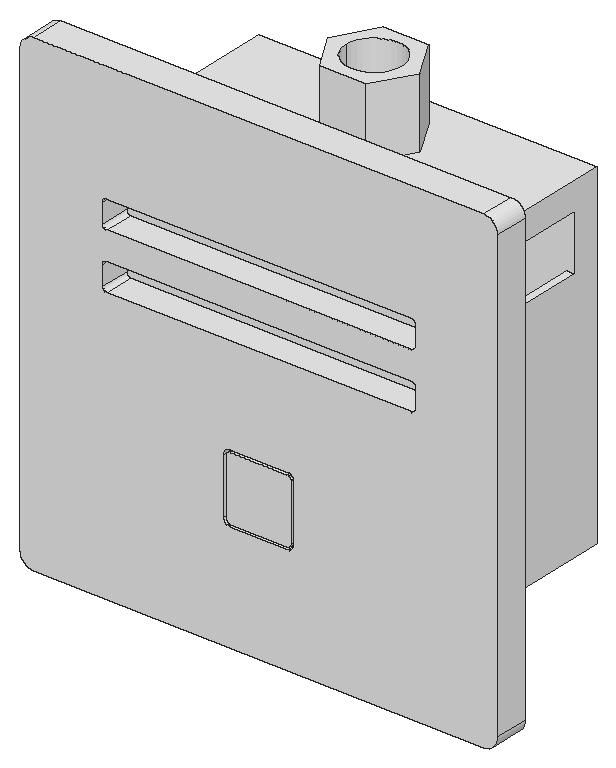
Revit family "799090001_Válvula Duplex Orinal", category Generic Models, Revit 2019
Family settings
  Can host rebar = No
  Round Connector Dimension = Use Diameter
  Part Type = Normal
  Work Plane-Based = No
  Always vertical = Yes
  Cut with Voids When Loaded = No
  Shared = No
  Room Calculation Point = No
Parameters
  Uso = "Institucional"  # constant formula
  URL = "https://corona.co/productos/griferias/griferias-institucionales/valvula-duplex-orinal/p/799090001"
  Tipo de instalación = "A pared"  # constant formula
  Sistema de accionamiento = "Sensor push"  # constant formula
  Sistema antivandálic = "Producto que dificulta las acciones vandálicas"  # constant formula
  Resistencia = "Resistente a la corrosión, pelado y decoloración por agua"  # constant formula
  Rango de presión de agua = "Entre 20 y 80 PSI"  # constant formula
  Productos compatibles = "Orinales Institucionales Corona"  # constant formula
  No incluye = "Batería de 9 V para sistema de respaldo "  # constant formula
  Material = Corona_Metal
  Línea = "Empotrar"  # constant formula
  Largo = "6.3 cm"  # constant formula
  Incluye = "Válvula, sensor"  # constant formula
  Garantías de otros componentes = "1 año en acabados y elementos electrónicos"  # constant formula
  Fecha de creación = "5/10/2020"  # constant formula
  Description = "El aliado perfecto para las necesidades de las instituciones de alto tráfico porque su diseño ofrece un óptimo funcionamiento y durabilidad debido a suscaracterísticas antivandálicas. Adquiere ahora la válvula de descarga de sensor electrónica y descarga de agua variable según presión. ¡Toma la decisión ahora!"  # constant formula
  Creado por = "IDD"  # constant formula
  Consumo de agua = "0.5 lt"  # constant formula
  Colección = "Duplex"  # constant formula
  Capacidad de flujo = "0.43 l/m a 50 PSI"  # constant formula
  Ancho = "17 cm"  # constant formula
  Alto = "17 cm"  # constant formula
  Acabado = Corona_Cromado
Reference planes
  plane 1 "Center (Front/Back)": y = 0
  plane 2: z = 0
  plane 3 "Center (Left/Right)": x = 0
Forms (mm)
  Extrusion 1, solid, material "Corona_Metal", detail levels medium+fine
    sketch origin (2.919, 0, 0) x (1, 0, 0) y (0, 1, 0)
      loop
        line (-87.919, 0) -> (-87.919, -12) -> (82.081, -12) -> (82.081, 0) -> (-87.919, 0)
    from 0 to 170
  Extrusion 2, solid, material "Corona_Metal", detail levels medium+fine
    sketch origin (2.919, 12, 0) x (1, 0, 0) y (0, 1, 0)
      loop
        line (-62.919, 51) -> (-62.919, -12) -> (57.081, -12) -> (57.081, 51) -> (-62.919, 51)
    from 25 to 145
  Revolve 3, solid, material "Corona_Metal", detail levels medium+fine
    sketch origin (0, 0, 0) x (0, 1, 0) y (0, 0, 1)
      loop
        line (38.665, 25) -> (24.751, 25) -> (24.751, 20.59) -> (28.091, 17.788) -> (28.091, 7.788) -> (35.459, 7.788)
        arc (35.459, 7.788) -> (36.612, 5.877) -> (38.665, 5) r 3.636
        line (38.665, 5) -> (38.665, 25)
      axis (38.665, 25) -> (38.665, 5)
    angle from 0 to 360
  Extrusion 4, solid, material "Corona_Metal", detail levels medium+fine
    sketch origin (-2.081, 0, 0) x (1, 0, 0) y (0, 0, 1)
      loop
        circle (56.019, 138.481) r 2.5
      loop
        circle (56.019, 30.823) r 2.5
      loop
        circle (-51.019, 138.481) r 2.5
      loop
        circle (-51.019, 30.823) r 2.5
    from -63 to -65.895
  Extrusion 5, void
    sketch origin (-2.081, 0, 0) x (1, 0, 0) y (0, 0, 1)
      loop
        line (-82.919, 170) -> (-82.919, 165)
        arc (-82.919, 165) -> (-81.454, 168.536) -> (-77.919, 170) r 5
        line (-77.919, 170) -> (-82.919, 170)
      loop
        line (87.081, 170) -> (82.081, 170)
        arc (82.081, 170) -> (85.617, 168.536) -> (87.081, 165) r 5
        line (87.081, 165) -> (87.081, 170)
      loop
        line (-82.919, 0) -> (-77.919, 0)
        arc (-77.919, 0) -> (-81.454, 1.464) -> (-82.919, 5) r 5
        line (-82.919, 5) -> (-82.919, 0)
      loop
        line (87.081, 0) -> (87.081, 5)
        arc (87.081, 5) -> (85.617, 1.464) -> (82.081, 0) r 5
        line (82.081, 0) -> (87.081, 0)
    from -4.216 to 19.153
  Extrusion 6, void
    sketch origin (0, 0, 0) x (1, 0, 0) y (0, 0, 1)
      loop
        arc (-10.034, 63.375) -> (-11.778, 62.652) -> (-12.5, 60.909) r 2.466
        line (-12.5, 60.909) -> (-12.5, 40.875)
        arc (-12.5, 40.875) -> (-11.768, 39.107) -> (-10, 38.375) r 2.5
        line (-10, 38.375) -> (10, 38.375)
        arc (10, 38.375) -> (11.768, 39.107) -> (12.5, 40.875) r 2.5
        line (12.5, 40.875) -> (12.5, 60.875)
        arc (12.5, 60.875) -> (11.768, 62.643) -> (10, 63.375) r 2.5
        line (10, 63.375) -> (-10.034, 63.375)
      loop
        arc (10, 39.375) -> (11.061, 39.814) -> (11.5, 40.875) r 1.5
        line (11.5, 40.875) -> (11.5, 60.875)
        arc (11.5, 60.875) -> (11.061, 61.935) -> (10, 62.375) r 1.5
        line (10, 62.375) -> (-10.034, 62.375)
        arc (-10.034, 62.375) -> (-11.071, 61.945) -> (-11.5, 60.909) r 1.466
        line (-11.5, 60.909) -> (-11.5, 40.875)
        arc (-11.5, 40.875) -> (-11.061, 39.814) -> (-10, 39.375) r 1.5
        line (-10, 39.375) -> (10, 39.375)
    from 9.678 to 39.658
  Extrusion 7, solid, material "Corona_Metal", detail levels medium+fine
    sketch origin (0, 2.5, 0) x (1, 0, 0) y (0, 1, 0)
      loop
        line (16.318, 36.665) -> (8.159, 50.797) -> (-8.159, 50.797) -> (-16.318, 36.665) -> (-8.159, 22.533) -> (8.159, 22.533) -> (16.318, 36.665)
    from 145 to 170
  Extrusion 8, void
    sketch origin (0, 0, 0) x (1, 0, 0) y (0, 1, 0)
      loop
        circle (0, 39.165) r 10
    from 147.827 to 179.799
  Extrusion 9, void
    sketch origin (-3.193, 0, 0) x (1, 0, 0) y (0, 0, 1)
      loop
        arc (-51, 127.818) -> (-52.061, 127.379) -> (-52.5, 126.318) r 1.5
        line (-52.5, 126.318) -> (-52.5, 119.293)
        arc (-52.5, 119.293) -> (-52.068, 118.25) -> (-51.025, 117.818) r 1.475
        line (-51.025, 117.818) -> (57.412, 117.818)
        arc (57.412, 117.818) -> (58.478, 118.26) -> (58.92, 119.326) r 1.508
        line (58.92, 119.326) -> (58.92, 126.323)
        arc (58.92, 126.323) -> (58.482, 127.38) -> (57.424, 127.818) r 1.496
        line (57.424, 127.818) -> (-51, 127.818)
      loop
        arc (-51.011, 107.818) -> (-52.064, 107.382) -> (-52.5, 106.329) r 1.489
        line (-52.5, 106.329) -> (-52.5, 99.322)
        arc (-52.5, 99.322) -> (-52.06, 98.259) -> (-50.996, 97.818) r 1.504
        line (-50.996, 97.818) -> (57.401, 97.818)
        arc (57.401, 97.818) -> (58.475, 98.263) -> (58.92, 99.337) r 1.519
        line (58.92, 99.337) -> (58.92, 106.321)
        arc (58.92, 106.321) -> (58.481, 107.38) -> (57.422, 107.818) r 1.498
        line (57.422, 107.818) -> (-51.011, 107.818)
    from 1.451 to 23.215
  Extrusion 10, void
    sketch origin (0, 0, 0) x (1, 0, 0) y (0, 0, 1)
      loop
        line (68.75, 115.19) -> (68.75, 135.19) -> (-68.75, 135.19) -> (-68.75, 115.19) -> (-57.372, 115.19) -> (-57.372, 28.163) -> (57.372, 28.163) -> (57.372, 115.19) -> (68.75, 115.19)
    from -4.216 to -53.297
  Extrusion 11, solid, material "Corona_Metal", detail levels coarse
    sketch origin (0, 0, 0) x (1, 0, 0) y (0, 1, 0)
      loop
        line (-85, -12) -> (85, -12) -> (85, 65.895) -> (-85, 65.895) -> (-85, -12)
    from 0 to 170
Cuts and joins
  Extrusion 5, Extrusion 6, Extrusion 9, Extrusion 10 cuts Extrusion 1
  Extrusion 5, Extrusion 6, Extrusion 9, Extrusion 10 cuts Extrusion 2
  joined: Extrusion 1, Extrusion 2
  Extrusion 8 cuts Extrusion 7
Dimensions and locks
  aligned and locked: level to plane 2
